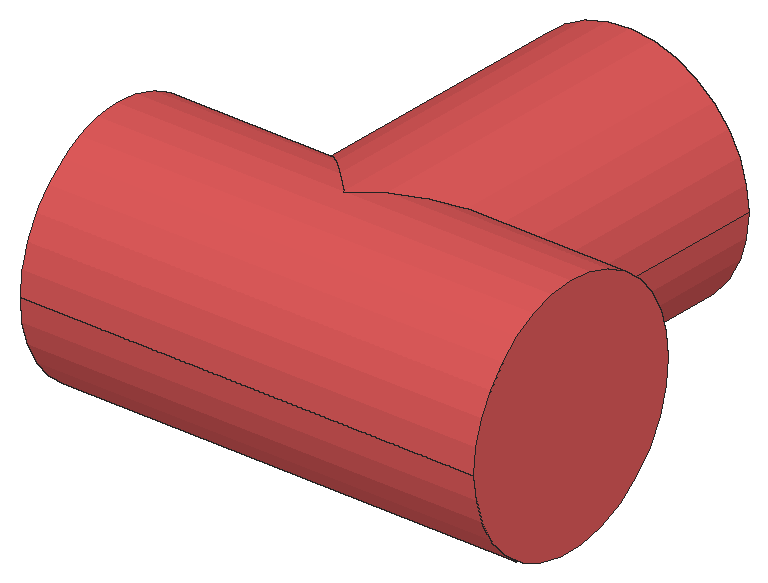
Revit family "Smu_Te", category Pipe Fittings, Revit 2025
Family settings
  Round Connector Dimension = Use Diameter
  Part Type = Tee
  Work Plane-Based = No
  Always vertical = No
  Cut with Voids When Loaded = No
  Shared = Yes
Parameters
  Tabela [instance] = "Smu_Te"
  Nominal Diameter2 [instance] = 150.0 mm
  Nominal Diameter [instance] = 150.0 mm
  Material_Conexao = FoFo_SMU
  Manufacturer = "SGC"
  Loss Method = Not Defined
  K Coefficient Table = "Tee"
  Description = "Tê sistema SMU"
  Default Elevation = 0.0 mm
  Corpo_L [instance] = size_lookup(Tabela, "Corpo_L", 145.0 mm, Nominal Diameter, Nominal Diameter2)  # 300.0 mm
  Corpo_H [instance] = size_lookup(Tabela, "Corpo_H", 110.0 mm, Nominal Diameter, Nominal Diameter2)  # 237.0 mm
  Corpo_DE2 [instance] = size_lookup(Tabela, "DE2", 58.0 mm, Nominal Diameter, Nominal Diameter2)  # 160.0 mm
  Corpo_DE [instance] = size_lookup(Tabela, "DE", 58.0 mm, Nominal Diameter, Nominal Diameter2)  # 160.0 mm
Reference planes
  plane 1 "Center (Front/Back)": y = 0
  plane 2: z = 0
  plane 3 "Center (Left/Right)": x = 468.25
  plane 4 "EE": x = 318.25
  plane 5 "ED": x = 618.25
Forms (mm)
  Sweep 1, solid, material "FoFo_SMU" <- "Material_Conexao"
    path origin (0, 0, 0) x (1, 0, 0) y (0, 1, 0)
      loop
        line (318.25, 0) -> (618.25, 0)
    profile origin (468.25, 0, 0) x (0, 1, 0) y (0, 0, 1)
      loop
        circle (0, 0) r 80
  Sweep 2, solid, material "FoFo_SMU" <- "Material_Conexao"
    path origin (0, 0, 0) x (1, 0, 0) y (0, 1, 0)
      loop
        line (468.25, 0) -> (476.172, 226.862)
    profile origin (472.211, 113.431, 0) x (-0.999391, 0.034899, 0) y (0, 0, 1)
      loop
        circle (0, 0) r 80
Cuts and joins
  joined: Sweep 1, Sweep 2
Lines and regions (mm)
  reference lines
    curve 1: line (468.25, 0, 0) -> (476.521, 236.856, 0)
Dimensions and locks
  "Corpo_L": plane 4 "EE" to plane 5 "ED"
  equal spacing: plane 4 "EE", plane 3 "Center (Left/Right)", plane 5 "ED"
  locked: curve 1 to plane 3 "Center (Left/Right)"
  "Corpo_H": curve 1 to curve 1
  radius of Sweep 1 sketch curve = 80.0 mm
  "Corpo_DE2": diameter of Sweep 2 sketch curve
  "Corpo_DE": diameter of Sweep 1 sketch curve
  angle plane 1 "Center (Front/Back)" to curve 1 = 88.00°
  aligned and locked: Sweep 1 sketch curve to plane 1 "Center (Front/Back)"
  aligned and locked: plane 5 "ED" to Sweep 1 sketch curve
  aligned and locked: plane 4 "EE" to Sweep 1 sketch curve
  aligned and locked: plane 1 "Center (Front/Back)" to curve 1
  aligned and locked: Sweep 2 sketch curve to curve 1
Automatic sketch dimensions
  Sweep 2 sketch curve to plane 3 "Center (Left/Right)" = 0.0 mm
  plane 3 "Center (Left/Right)" to Sweep 2 sketch curve = 7.922 mm
  Sweep 1 sketch curve to level = 0.0 mm
  Sweep 1 sketch curve to profile plane = 0.0 mm
  level to Sweep 2 sketch curve = 0.0 mm
  Sweep 2 sketch curve to profile plane = 0.0 mm
Connectors
  piping at (618.25, 0, 0), diameter 150, driven by "Nominal Diameter"
    settings: on cut or joined group of Sweep 1, Sweep 2, index 1, connector inside diameter 609.6 mm, connector length 0.0 mm, flow factor 0, pipe flow 0 L/s, pressure drop 0.00 psi, fitting loss kfactor 0, connector angle 0.00°, fixture units 0, engagement length 0.0 mm, angle of deflection 0.00°, flow configuration 0, flow direction 0, fitting loss method 0, system type 28, joint type 0, gender type 0, connector reference index -1, connector utility 0, adjustable connector no, is connector primary yes, connector description ""
  piping at (318.25, 0, 0), diameter 150, driven by "Nominal Diameter"
    settings: on cut or joined group of Sweep 1, Sweep 2, index 2, connector inside diameter 609.6 mm, connector length 0.0 mm, flow factor 0, pipe flow 0 L/s, pressure drop 0.00 psi, fitting loss kfactor 0, connector angle 0.00°, fixture units 0, engagement length 0.0 mm, angle of deflection 0.00°, flow configuration 0, flow direction 0, fitting loss method 0, system type 28, joint type 0, gender type 0, connector reference index -1, connector utility 0, adjustable connector no, is connector primary no, connector description ""
  piping at (476.172, 226.862, 0), diameter 160, driven by "Corpo_DE2"
    settings: on cut or joined group of Sweep 1, Sweep 2, index 3, connector inside diameter 609.6 mm, connector length 0.0 mm, flow factor 0, pipe flow 0 L/s, pressure drop 0.00 psi, fitting loss kfactor 0, connector angle 0.00°, fixture units 0, engagement length 0.0 mm, angle of deflection 0.00°, flow configuration 0, flow direction 0, fitting loss method 0, system type 28, joint type 0, gender type 0, connector reference index -1, connector utility 0, adjustable connector no, is connector primary no, connector description ""
